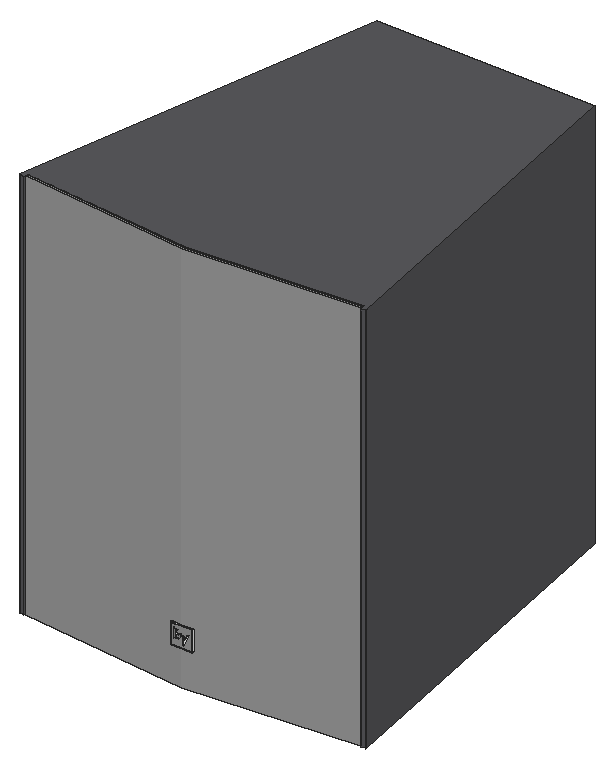
Revit family "EVF-2151D", category Communication Devices, Revit 2017
Family settings
  Maintain Annotation Orientation = Yes
  Round Connector Dimension = Use Diameter
  Part Type = Normal
  OmniClass Number = 23.85.10.11.11.21
  OmniClass Title = Speakers
  Work Plane-Based = Yes
  Always vertical = Yes
  Cut with Voids When Loaded = No
  Shared = No
  Room Calculation Point = No
Parameters (values of type "EVF2151DBLB_Black__Dual_15_Subwoofer_System")
  Version = "1"
  Uniclass2015Code = "Pr_60_75_08_02"
  URL = ""
  ProductInformation = "https://www.electrovoice.com/binary/EVF-2151D_Engineering_Data_Sheet.PDF"
  PlanningTools = "https://www.electrovoice.com/product.php?id=1083&search=EVF-2151D&geolocation=1#downloads"
  ModelNumber = "F.01U.272.558"
  Model = ""
  MaterialRALColour = "RAL9004"
  ManufacturerURL = "https://www.electrovoice.com"
  Manufacturer = "Electro Voice"
  LoudspeakerMaterial [instance] = 13-plyWeather-resistantBirchEVCoat -RAL9004
  GrillMaterial [instance] = 16GA Powder-coatedGalvanneal - B
  FrontLength = 675.64 mm  # constant formula
  Default Elevation = 9004.00 mm
  CTN = "EVF2151DBLB"
  BackLength = 426.39 mm  # constant formula
  InstallationManual = "https://www.electrovoice.com/binary/EVF-2151D_Engineering_Data_Sheet.PDF"
  IfcExportType = "IfcBuildingElementProxyType"
  IfcExportAs = "IfcBuildingElementProxy"
  Height = 768.55 mm  # constant formula
  Disclaimer = "http://resource.boschsecurity.com/information/BIM/Disclaimer_Electrovoice.pdf"
  Description = "Dual DVX3159A 381 mm LF transducers,101 dB sensitivity, 137 dB maximum SPL, System rating: 1000 W continuous, 4000 W peak (28) M10 threaded suspension points. PI and FG versions available with gland nut and stainless-steel grille."
  Depth = 726.38 mm  # constant formula
  ArchitectsAndEngineersSpecs = "https://www.electrovoice.com/binary/EVF-2151D_Engineering_Data_Sheet.PDF"
Reference planes
  plane 1 "Center (Front/Back)": y = 0
  plane 2: z = 0
  plane 3 "Center (Left/Right)": x = 0
Forms (mm)
  Extrusion 1, solid
    sketch origin (-218.808, 253.121, 151.949) x (0, 0, 1) y (0, -1, 0)
      loop
        line (-20.634, 250.621) -> (-5.289, 250.621) -> (-5.289, 253.121) -> (-20.634, 253.121) -> (-20.634, 250.621)
    from 217.781 to 244.634
  Extrusion 2, solid, material "16GA Powder-coatedGalvanneal - B" <- "GrillMaterial", detail levels medium+fine
    sketch origin (-0.165, -226.499, 0) x (1, 0, 0) y (0, 1, 0)
      loop
        line (-327.575, -483.206) -> (-328.443, -488.13)
        arc (-328.443, -488.13) -> (0.165, -515.973) -> (328.773, -488.13) r 1953.055
        line (328.773, -488.13) -> (327.905, -483.206)
        arc (327.905, -483.206) -> (0.165, -510.973) -> (-327.575, -483.206) r 1948.055
    from 0 to 768.55
  Extrusion 3, solid, material "13-plyWeather-resistantBirchEVCoat -RAL9004" <- "LoudspeakerMaterial"
    sketch origin (24.276, -254.036, 0) x (-1, 0, 0) y (0, -1, 0)
      loop
        line (-188.919, -254.036) -> (237.471, -254.036) -> (363.419, 460.251) -> (362.097, 461.573)
        arc (362.097, 461.573) -> (357.925, 462.299) -> (353.752, 463.016) r 1958.055
        line (353.752, 463.016) -> (352.016, 453.168)
        arc (352.016, 453.168) -> (24.276, 480.935) -> (-303.464, 453.168) r 1948.055
        line (-303.464, 453.168) -> (-305.201, 463.016)
        arc (-305.201, 463.016) -> (-309.374, 462.299) -> (-313.545, 461.573) r 1958.055
        line (-313.545, 461.573) -> (-314.867, 460.251) -> (-188.919, -254.036)
    from 0 to 768.55
Lines and regions (mm)
  model lines, detail levels fine
    curve 1: circle (0.003, -37.857, 768.55) r 11.11 normal (0, 0, -1)
    curve 2: circle (0.003, -37.857, 768.55) r 11.06 normal (0, 0, -1)
    curve 3: circle (0.003, -37.857, 768.55) r 8.06 normal (0, 0, -1)
    curve 8: circle (-236.14, -357.439, 768.55) r 11.11 normal (0, 0, -1)
    curve 9: circle (-236.14, -357.439, 768.55) r 11.06 normal (0, 0, -1)
    curve 10: circle (-236.14, -357.439, 768.55) r 8.06 normal (0, 0, -1)
    curve 11: circle (-192.728, -111.237, 768.55) r 11.11 normal (0, 0, -1)
    curve 12: circle (-192.728, -111.237, 768.55) r 11.06 normal (0, 0, -1)
    curve 13: circle (-192.728, -111.237, 768.55) r 8.06 normal (0, 0, -1)
    curve 14: circle (-279.552, -603.641, 768.55) r 11.11 normal (0, 0, -1)
    curve 15: circle (-279.552, -603.641, 768.55) r 11.06 normal (0, 0, -1)
    curve 16: circle (-279.552, -603.641, 768.55) r 8.06 normal (0, 0, -1)
    curve 17: circle (236.14, -357.439, 768.55) r 11.11 normal (0, 0, 1)
    curve 18: circle (236.14, -357.439, 768.55) r 11.06 normal (0, 0, 1)
    curve 19: circle (236.14, -357.439, 768.55) r 8.06 normal (0, 0, 1)
    curve 20: circle (192.728, -111.237, 768.55) r 11.11 normal (0, 0, 1)
    curve 21: circle (192.728, -111.237, 768.55) r 11.06 normal (0, 0, 1)
    curve 22: circle (192.728, -111.237, 768.55) r 8.06 normal (0, 0, 1)
    curve 23: circle (279.552, -603.641, 768.55) r 11.11 normal (0, 0, 1)
    curve 24: circle (279.552, -603.641, 768.55) r 11.06 normal (0, 0, 1)
    curve 25: circle (279.552, -603.641, 768.55) r 8.06 normal (0, 0, 1)
    curve 30: circle (333.357, -681.474, 659.32) r 6 normal (0.9848, 0.1736, 0)
    curve 33: circle (333.357, -681.474, 471.473) r 6 normal (0.9848, 0.1736, 0)
    curve 36: circle (333.357, -681.474, 296.473) r 6 normal (0.9848, 0.1736, 0)
    curve 39: circle (333.357, -681.474, 108.973) r 6 normal (0.9848, 0.1736, 0)
    curve 41: circle (318.42, -596.762, 738.55) r 8 normal (0.9848, 0.1736, 0)
    curve 43: circle (275.008, -350.56, 738.55) r 8 normal (0.9848, 0.1736, 0)
    curve 45: circle (231.596, -104.358, 738.55) r 8 normal (0.9848, 0.1736, 0)
    curve 47: circle (318.42, -596.762, 30) r 8 normal (-0.9848, -0.1736, 0)
    curve 49: circle (275.008, -350.56, 30) r 8 normal (-0.9848, -0.1736, 0)
    curve 51: circle (231.596, -104.358, 30) r 8 normal (-0.9848, -0.1736, 0)
    curve 54: circle (-333.357, -681.474, 659.32) r 6 normal (0.9848, -0.1736, 0)
    curve 57: circle (-333.357, -681.474, 471.473) r 6 normal (0.9848, -0.1736, 0)
    curve 60: circle (-333.357, -681.474, 296.473) r 6 normal (0.9848, -0.1736, 0)
    curve 63: circle (-333.357, -681.474, 108.973) r 6 normal (0.9848, -0.1736, 0)
    curve 65: circle (-318.42, -596.762, 738.55) r 8 normal (0.9848, -0.1736, 0)
    curve 67: circle (-275.008, -350.56, 738.55) r 8 normal (0.9848, -0.1736, 0)
    curve 69: circle (-231.596, -104.358, 738.55) r 8 normal (0.9848, -0.1736, 0)
    curve 71: circle (-318.42, -596.762, 30) r 8 normal (-0.9848, 0.1736, 0)
    curve 73: circle (-275.008, -350.56, 30) r 8 normal (-0.9848, 0.1736, 0)
    curve 75: circle (-231.596, -104.358, 30) r 8 normal (-0.9848, 0.1736, 0)
  model lines, detail levels medium+fine
    curve 4: line (-204.394, -7.673, 768.55) -> (204.394, -7.673, 768.55)
    curve 5: line (-327.74, -707.204, 768.55) -> (-204.394, -7.673, 768.55)
    curve 6: line (327.74, -707.204, 768.55) -> (204.394, -7.673, 768.55)
    curve 26: line (-213.195, 0, 768.55) -> (-204.394, -7.673, 768.55)
    curve 27: line (213.195, 0, 768.55) -> (204.394, -7.673, 768.55)
    curve 29: circle (333.357, -681.474, 659.32) r 8 normal (0.9848, 0.1736, 0)
    curve 32: circle (333.357, -681.474, 471.473) r 8 normal (0.9848, 0.1736, 0)
    curve 35: circle (333.357, -681.474, 296.473) r 8 normal (0.9848, 0.1736, 0)
    curve 38: circle (333.357, -681.474, 108.973) r 8 normal (0.9848, 0.1736, 0)
    curve 40: circle (318.42, -596.762, 738.55) r 12 normal (0.9848, 0.1736, 0)
    curve 42: circle (275.008, -350.56, 738.55) r 12 normal (0.9848, 0.1736, 0)
    curve 44: circle (231.596, -104.358, 738.55) r 12 normal (0.9848, 0.1736, 0)
    curve 46: circle (318.42, -596.762, 30) r 12 normal (-0.9848, -0.1736, 0)
    curve 48: circle (275.008, -350.56, 30) r 12 normal (-0.9848, -0.1736, 0)
    curve 50: circle (231.596, -104.358, 30) r 12 normal (-0.9848, -0.1736, 0)
    curve 52: circle (-333.354, -681.455, 659.338) r 8 normal (0.9848, -0.1736, 0)
    curve 53: circle (-333.357, -681.474, 659.32) r 8 normal (0.9848, -0.1736, 0)
    curve 55: circle (-333.354, -681.455, 471.49) r 8 normal (0.9848, -0.1736, 0)
    curve 56: circle (-333.357, -681.474, 471.473) r 8 normal (0.9848, -0.1736, 0)
    curve 58: circle (-333.354, -681.455, 296.49) r 8 normal (0.9848, -0.1736, 0)
    curve 59: circle (-333.357, -681.474, 296.473) r 8 normal (0.9848, -0.1736, 0)
    curve 61: circle (-333.354, -681.455, 108.99) r 8 normal (0.9848, -0.1736, 0)
    curve 62: circle (-333.357, -681.474, 108.973) r 8 normal (0.9848, -0.1736, 0)
    curve 64: circle (-318.42, -596.762, 738.55) r 12 normal (0.9848, -0.1736, 0)
    curve 66: circle (-275.008, -350.56, 738.55) r 12 normal (0.9848, -0.1736, 0)
    curve 68: circle (-231.596, -104.358, 738.55) r 12 normal (0.9848, -0.1736, 0)
    curve 70: circle (-318.42, -596.762, 30) r 12 normal (-0.9848, 0.1736, 0)
    curve 72: circle (-275.008, -350.56, 30) r 12 normal (-0.9848, 0.1736, 0)
    curve 74: circle (-231.596, -104.358, 30) r 12 normal (-0.9848, 0.1736, 0)
  model lines
    curve 7: line (-440.583, -450.191, 0) -> (-440.583, -450.691, 0)
    curve 28: circle (333.354, -681.455, 659.338) r 8 normal (0.9848, 0.1736, 0)
    curve 31: circle (333.354, -681.455, 471.49) r 8 normal (0.9848, 0.1736, 0)
    curve 34: circle (333.354, -681.455, 296.49) r 8 normal (0.9848, 0.1736, 0)
    curve 37: circle (333.354, -681.455, 108.99) r 8 normal (0.9848, 0.1736, 0)
  model lines, not visible
    curve 76: circle (333.354, -681.455, 659.338) r 8 normal (0.9848, 0.1736, 0)
    curve 79: circle (333.354, -681.455, 471.49) r 8 normal (0.9848, 0.1736, 0)
    curve 82: circle (333.354, -681.455, 296.49) r 8 normal (0.9848, 0.1736, 0)
    curve 85: circle (333.354, -681.455, 108.99) r 8 normal (0.9848, 0.1736, 0)
  model lines, not visible, detail levels medium+fine
    curve 77: circle (333.357, -681.474, 659.32) r 8 normal (0.9848, 0.1736, 0)
    curve 80: circle (333.357, -681.474, 471.473) r 8 normal (0.9848, 0.1736, 0)
    curve 83: circle (333.357, -681.474, 296.473) r 8 normal (0.9848, 0.1736, 0)
    curve 86: circle (333.357, -681.474, 108.973) r 8 normal (0.9848, 0.1736, 0)
    curve 88: circle (318.42, -596.762, 738.55) r 12 normal (0.9848, 0.1736, 0)
    curve 90: circle (275.008, -350.56, 738.55) r 12 normal (0.9848, 0.1736, 0)
    curve 92: circle (231.596, -104.358, 738.55) r 12 normal (0.9848, 0.1736, 0)
    curve 94: circle (318.42, -596.762, 30) r 12 normal (-0.9848, -0.1736, 0)
    curve 96: circle (275.008, -350.56, 30) r 12 normal (-0.9848, -0.1736, 0)
    curve 98: circle (231.596, -104.358, 30) r 12 normal (-0.9848, -0.1736, 0)
    curve 100: circle (-333.354, -681.455, 659.338) r 8 normal (0.9848, -0.1736, 0)
    curve 101: circle (-333.357, -681.474, 659.32) r 8 normal (0.9848, -0.1736, 0)
    curve 103: circle (-333.354, -681.455, 471.49) r 8 normal (0.9848, -0.1736, 0)
    curve 104: circle (-333.357, -681.474, 471.473) r 8 normal (0.9848, -0.1736, 0)
    curve 106: circle (-333.354, -681.455, 296.49) r 8 normal (0.9848, -0.1736, 0)
    curve 107: circle (-333.357, -681.474, 296.473) r 8 normal (0.9848, -0.1736, 0)
    curve 109: circle (-333.354, -681.455, 108.99) r 8 normal (0.9848, -0.1736, 0)
    curve 110: circle (-333.357, -681.474, 108.973) r 8 normal (0.9848, -0.1736, 0)
    curve 112: circle (-318.42, -596.762, 738.55) r 12 normal (0.9848, -0.1736, 0)
    curve 114: circle (-275.008, -350.56, 738.55) r 12 normal (0.9848, -0.1736, 0)
    curve 116: circle (-231.596, -104.358, 738.55) r 12 normal (0.9848, -0.1736, 0)
    curve 118: circle (-318.42, -596.762, 30) r 12 normal (-0.9848, 0.1736, 0)
    curve 120: circle (-275.008, -350.56, 30) r 12 normal (-0.9848, 0.1736, 0)
    curve 122: circle (-231.596, -104.358, 30) r 12 normal (-0.9848, 0.1736, 0)
    curve 127: line (-204.394, -7.673, 768.55) -> (204.394, -7.673, 768.55)
    curve 128: line (-327.74, -707.204, 768.55) -> (-204.394, -7.673, 768.55)
    curve 129: line (327.74, -707.204, 768.55) -> (204.394, -7.673, 768.55)
    curve 148: line (-213.195, 0, 768.55) -> (-204.394, -7.673, 768.55)
    curve 149: line (213.195, 0, 768.55) -> (204.394, -7.673, 768.55)
  model lines, not visible, detail levels fine
    curve 78: circle (333.357, -681.474, 659.32) r 6 normal (0.9848, 0.1736, 0)
    curve 81: circle (333.357, -681.474, 471.473) r 6 normal (0.9848, 0.1736, 0)
    curve 84: circle (333.357, -681.474, 296.473) r 6 normal (0.9848, 0.1736, 0)
    curve 87: circle (333.357, -681.474, 108.973) r 6 normal (0.9848, 0.1736, 0)
    curve 89: circle (318.42, -596.762, 738.55) r 8 normal (0.9848, 0.1736, 0)
    curve 91: circle (275.008, -350.56, 738.55) r 8 normal (0.9848, 0.1736, 0)
    curve 93: circle (231.596, -104.358, 738.55) r 8 normal (0.9848, 0.1736, 0)
    curve 95: circle (318.42, -596.762, 30) r 8 normal (-0.9848, -0.1736, 0)
    curve 97: circle (275.008, -350.56, 30) r 8 normal (-0.9848, -0.1736, 0)
    curve 99: circle (231.596, -104.358, 30) r 8 normal (-0.9848, -0.1736, 0)
    curve 102: circle (-333.357, -681.474, 659.32) r 6 normal (0.9848, -0.1736, 0)
    curve 105: circle (-333.357, -681.474, 471.473) r 6 normal (0.9848, -0.1736, 0)
    curve 108: circle (-333.357, -681.474, 296.473) r 6 normal (0.9848, -0.1736, 0)
    curve 111: circle (-333.357, -681.474, 108.973) r 6 normal (0.9848, -0.1736, 0)
    curve 113: circle (-318.42, -596.762, 738.55) r 8 normal (0.9848, -0.1736, 0)
    curve 115: circle (-275.008, -350.56, 738.55) r 8 normal (0.9848, -0.1736, 0)
    curve 117: circle (-231.596, -104.358, 738.55) r 8 normal (0.9848, -0.1736, 0)
    curve 119: circle (-318.42, -596.762, 30) r 8 normal (-0.9848, 0.1736, 0)
    curve 121: circle (-275.008, -350.56, 30) r 8 normal (-0.9848, 0.1736, 0)
    curve 123: circle (-231.596, -104.358, 30) r 8 normal (-0.9848, 0.1736, 0)
    curve 124: circle (0.003, -37.857, 768.55) r 11.11 normal (0, 0, -1)
    curve 125: circle (0.003, -37.857, 768.55) r 11.06 normal (0, 0, -1)
    curve 126: circle (0.003, -37.857, 768.55) r 8.06 normal (0, 0, -1)
    curve 130: circle (-236.14, -357.439, 768.55) r 11.11 normal (0, 0, -1)
    curve 131: circle (-236.14, -357.439, 768.55) r 11.06 normal (0, 0, -1)
    curve 132: circle (-236.14, -357.439, 768.55) r 8.06 normal (0, 0, -1)
    curve 133: circle (-192.728, -111.237, 768.55) r 11.11 normal (0, 0, -1)
    curve 134: circle (-192.728, -111.237, 768.55) r 11.06 normal (0, 0, -1)
    curve 135: circle (-192.728, -111.237, 768.55) r 8.06 normal (0, 0, -1)
    curve 136: circle (-279.552, -603.641, 768.55) r 11.11 normal (0, 0, -1)
    curve 137: circle (-279.552, -603.641, 768.55) r 11.06 normal (0, 0, -1)
    curve 138: circle (-279.552, -603.641, 768.55) r 8.06 normal (0, 0, -1)
    curve 139: circle (236.14, -357.439, 768.55) r 11.11 normal (0, 0, 1)
    curve 140: circle (236.14, -357.439, 768.55) r 11.06 normal (0, 0, 1)
    curve 141: circle (236.14, -357.439, 768.55) r 8.06 normal (0, 0, 1)
    curve 142: circle (192.728, -111.237, 768.55) r 11.11 normal (0, 0, 1)
    curve 143: circle (192.728, -111.237, 768.55) r 11.06 normal (0, 0, 1)
    curve 144: circle (192.728, -111.237, 768.55) r 8.06 normal (0, 0, 1)
    curve 145: circle (279.552, -603.641, 768.55) r 11.11 normal (0, 0, 1)
    curve 146: circle (279.552, -603.641, 768.55) r 11.06 normal (0, 0, 1)
    curve 147: circle (279.552, -603.641, 768.55) r 8.06 normal (0, 0, 1)
Dimensions and locks
  "Height": Extrusion 3 to Extrusion 3
  "Height": Extrusion 2 to Extrusion 3
  "BackLength": Extrusion 3 to Extrusion 3
  "Depth": Extrusion 3 to Extrusion 3
  "FrontLength": Extrusion 3 to Extrusion 3
  angle Extrusion 3 to Extrusion 3 = 20.00°
  aligned and locked: plane 2 to level
Automatic sketch dimensions
  Extrusion 1 sketch curve to plane 1 "Center (Front/Back)" = 0.00 mm
  level to Extrusion 1 sketch curve = 131.315 mm
  Extrusion 1 sketch curve to Extrusion 1 sketch curve = 15.346 mm
  Extrusion 1 sketch curve to plane 1 "Center (Front/Back)" = 2.50 mm
  plane 3 "Center (Left/Right)" to Extrusion 2 sketch curve = 0.00 mm
  plane 3 "Center (Left/Right)" to Extrusion 2 sketch curve = 327.74 mm
  Extrusion 2 sketch curve to Extrusion 2 sketch curve = 0.868 mm  (x2)
  plane 1 "Center (Front/Back)" to Extrusion 2 sketch curve = 714.628 mm
  Extrusion 2 sketch curve to Extrusion 2 sketch curve = 0.00 mm  (x3)
  Extrusion 2 sketch curve to plane 1 "Center (Front/Back)" = 1210.583 mm
  plane 1 "Center (Front/Back)" to curve 7 = 450.691 mm
  curve 7 to curve 7 = 0.50 mm
  curve 7 to plane 3 "Center (Left/Right)" = 440.583 mm
  Extrusion 2 sketch curve to Extrusion 2 sketch curve = 4.924 mm
  curve 1 to curve 2 = 0.00 mm  (x2)
  curve 1 to curve 3 = 0.00 mm  (x2)
  curve 2 to curve 3 = 0.00 mm  (x2)
  curve 8 to curve 9 = 0.00 mm  (x2)
  curve 8 to curve 10 = 0.00 mm  (x2)
  curve 9 to curve 10 = 0.00 mm  (x2)
  curve 11 to curve 12 = 0.00 mm  (x2)
  curve 11 to curve 13 = 0.00 mm  (x2)
  curve 12 to curve 13 = 0.00 mm  (x2)
  curve 14 to curve 15 = 0.00 mm  (x2)
  curve 14 to curve 16 = 0.00 mm  (x2)
  curve 15 to curve 16 = 0.00 mm  (x2)
  curve 17 to curve 18 = 0.00 mm  (x2)
  curve 17 to curve 19 = 0.00 mm  (x2)
  curve 18 to curve 19 = 0.00 mm  (x2)
  curve 20 to curve 21 = 0.00 mm  (x2)
  curve 20 to curve 22 = 0.00 mm  (x2)
  curve 21 to curve 22 = 0.00 mm  (x2)
  curve 23 to curve 24 = 0.00 mm  (x2)
  curve 23 to curve 25 = 0.00 mm  (x2)
  curve 24 to curve 25 = 0.00 mm  (x2)
  curve 14 to curve 10 = 43.412 mm
  curve 8 to curve 4 = 31.747 mm
  curve 4 to curve 13 = 11.666 mm
  curve 11 to curve 1 = 192.731 mm
  curve 1 to curve 20 = 192.725 mm
  curve 20 to curve 27 = 11.666 mm
  curve 20 to curve 18 = 43.412 mm
  curve 17 to curve 23 = 43.412 mm
  curve 14 to curve 23 = 0.00 mm
  curve 14 to curve 8 = 246.202 mm
  curve 23 to curve 19 = 246.202 mm
  curve 8 to curve 13 = 246.202 mm
  curve 17 to curve 20 = 246.202 mm
  curve 20 to curve 1 = 73.379 mm
  curve 11 to curve 5 = 103.564 mm
  curve 5 to curve 14 = 48.188 mm
  curve 26 to curve 26 = 8.801 mm
  curve 4 to curve 27 = 8.801 mm
  curve 23 to curve 6 = 48.188 mm
  curve 6 to curve 23 = 103.564 mm
  curve 5 to curve 14 = 103.564 mm
  curve 4 to curve 27 = 7.673 mm
  curve 26 to curve 26 = 7.673 mm
  curve 29 to curve 30 = 0.00 mm  (x2)
  curve 32 to curve 33 = 0.00 mm  (x2)
  curve 35 to curve 36 = 0.00 mm  (x2)
  curve 38 to curve 39 = 0.00 mm  (x2)
  curve 40 to curve 41 = 0.00 mm  (x2)
  curve 42 to curve 43 = 0.00 mm  (x2)
  curve 44 to curve 45 = 0.00 mm  (x2)
  curve 46 to curve 47 = 0.00 mm  (x2)
  curve 48 to curve 49 = 0.00 mm  (x2)
  curve 50 to curve 51 = 0.00 mm  (x2)
  curve 29 to curve 38 = 0.00 mm
  curve 36 to curve 38 = 0.00 mm
  curve 32 to curve 35 = 0.00 mm
  curve 38 to curve 37 = 0.019 mm
  curve 32 to curve 31 = 0.019 mm
  curve 35 to curve 34 = 0.019 mm
  curve 29 to curve 28 = 0.019 mm
  curve 28 to curve 40 = 86.00 mm
  curve 37 to curve 47 = 86.00 mm
  curve 46 to curve 48 = 250.00 mm
  curve 40 to curve 43 = 250.00 mm
  curve 42 to curve 45 = 250.00 mm
  curve 48 to curve 50 = 250.00 mm
  curve 50 to curve 47 = 0.00 mm
  curve 50 to curve 48 = 0.00 mm
  curve 46 to curve 38 = 78.973 mm
  curve 38 to curve 37 = 0.018 mm
  curve 37 to curve 36 = 187.482 mm
  curve 35 to curve 34 = 0.018 mm
  curve 34 to curve 32 = 174.982 mm
  curve 32 to curve 31 = 0.018 mm
  curve 31 to curve 29 = 187.83 mm
  curve 29 to curve 28 = 0.018 mm
  curve 28 to curve 44 = 79.212 mm
  curve 44 to curve 43 = 0.00 mm
  curve 28 to curve 41 = 79.212 mm
  curve 53 to curve 54 = 0.00 mm  (x2)
  curve 56 to curve 57 = 0.00 mm  (x2)
  curve 59 to curve 60 = 0.00 mm  (x2)
  curve 62 to curve 63 = 0.00 mm  (x2)
  curve 64 to curve 65 = 0.00 mm  (x2)
  curve 66 to curve 67 = 0.00 mm  (x2)
  curve 68 to curve 69 = 0.00 mm  (x2)
  curve 70 to curve 71 = 0.00 mm  (x2)
  curve 72 to curve 73 = 0.00 mm  (x2)
  curve 74 to curve 75 = 0.00 mm  (x2)
  curve 53 to curve 62 = 0.00 mm
  curve 60 to curve 62 = 0.00 mm
  curve 56 to curve 59 = 0.00 mm
  curve 62 to curve 61 = 0.019 mm
  curve 56 to curve 55 = 0.019 mm
  curve 59 to curve 58 = 0.019 mm
  curve 53 to curve 52 = 0.019 mm
  curve 52 to curve 64 = 86.00 mm
  curve 61 to curve 71 = 86.00 mm
  curve 70 to curve 72 = 250.00 mm
  curve 64 to curve 67 = 250.00 mm
  curve 66 to curve 69 = 250.00 mm
  curve 72 to curve 74 = 250.00 mm
  curve 67 to curve 68 = 0.00 mm
  curve 65 to curve 66 = 0.00 mm
  curve 64 to curve 52 = 79.212 mm
  curve 52 to curve 54 = 0.018 mm
  curve 53 to curve 55 = 187.83 mm
  curve 55 to curve 57 = 0.018 mm
  curve 56 to curve 58 = 174.982 mm
  curve 58 to curve 59 = 0.018 mm
  curve 59 to curve 61 = 187.482 mm
  curve 61 to curve 62 = 0.018 mm
  curve 61 to curve 70 = 78.99 mm
  curve 70 to curve 72 = 0.00 mm
  curve 72 to curve 74 = 0.00 mm
  curve 77 to curve 78 = 0.00 mm  (x2)
  curve 80 to curve 81 = 0.00 mm  (x2)
  curve 83 to curve 84 = 0.00 mm  (x2)
  curve 86 to curve 87 = 0.00 mm  (x2)
  curve 88 to curve 89 = 0.00 mm  (x2)
  curve 90 to curve 91 = 0.00 mm  (x2)
  curve 92 to curve 93 = 0.00 mm  (x2)
  curve 94 to curve 95 = 0.00 mm  (x2)
  curve 96 to curve 97 = 0.00 mm  (x2)
  curve 98 to curve 99 = 0.00 mm  (x2)
  curve 77 to curve 86 = 0.00 mm
  curve 84 to curve 86 = 0.00 mm
  curve 80 to curve 83 = 0.00 mm
  curve 86 to curve 85 = 0.019 mm
  curve 80 to curve 79 = 0.019 mm
  curve 83 to curve 82 = 0.019 mm
  curve 77 to curve 76 = 0.019 mm
  curve 76 to curve 88 = 86.00 mm
  curve 85 to curve 95 = 86.00 mm
  curve 94 to curve 96 = 250.00 mm
  curve 88 to curve 91 = 250.00 mm
  curve 90 to curve 93 = 250.00 mm
  curve 96 to curve 98 = 250.00 mm
  curve 98 to curve 95 = 0.00 mm
  curve 98 to curve 96 = 0.00 mm
  curve 94 to curve 86 = 78.973 mm
  curve 86 to curve 85 = 0.018 mm
  curve 85 to curve 84 = 187.482 mm
  curve 83 to curve 82 = 0.018 mm
  curve 82 to curve 80 = 174.982 mm
  curve 80 to curve 79 = 0.018 mm
  curve 79 to curve 77 = 187.83 mm
  curve 77 to curve 76 = 0.018 mm
  curve 76 to curve 92 = 79.212 mm
  curve 92 to curve 91 = 0.00 mm
  curve 76 to curve 89 = 79.212 mm
  curve 101 to curve 102 = 0.00 mm  (x2)
  curve 104 to curve 105 = 0.00 mm  (x2)
  curve 107 to curve 108 = 0.00 mm  (x2)
  curve 110 to curve 111 = 0.00 mm  (x2)
  curve 112 to curve 113 = 0.00 mm  (x2)
  curve 114 to curve 115 = 0.00 mm  (x2)
  curve 116 to curve 117 = 0.00 mm  (x2)
  curve 118 to curve 119 = 0.00 mm  (x2)
  curve 120 to curve 121 = 0.00 mm  (x2)
  curve 122 to curve 123 = 0.00 mm  (x2)
  curve 101 to curve 110 = 0.00 mm
  curve 108 to curve 110 = 0.00 mm
  curve 104 to curve 107 = 0.00 mm
  curve 110 to curve 109 = 0.019 mm
  curve 104 to curve 103 = 0.019 mm
  curve 107 to curve 106 = 0.019 mm
  curve 101 to curve 100 = 0.019 mm
  curve 100 to curve 112 = 86.00 mm
  curve 109 to curve 119 = 86.00 mm
  curve 118 to curve 120 = 250.00 mm
  curve 112 to curve 115 = 250.00 mm
  curve 114 to curve 117 = 250.00 mm
  curve 120 to curve 122 = 250.00 mm
  curve 115 to curve 116 = 0.00 mm
  curve 113 to curve 114 = 0.00 mm
  curve 112 to curve 100 = 79.212 mm
  curve 100 to curve 102 = 0.018 mm
  curve 101 to curve 103 = 187.83 mm
  curve 103 to curve 105 = 0.018 mm
  curve 104 to curve 106 = 174.982 mm
  curve 106 to curve 107 = 0.018 mm
  curve 107 to curve 109 = 187.482 mm
  curve 109 to curve 110 = 0.018 mm
  curve 109 to curve 118 = 78.99 mm
  curve 118 to curve 120 = 0.00 mm
  curve 120 to curve 122 = 0.00 mm
  curve 124 to curve 125 = 0.00 mm  (x2)
  curve 124 to curve 126 = 0.00 mm  (x2)
  curve 125 to curve 126 = 0.00 mm  (x2)
  curve 130 to curve 131 = 0.00 mm  (x2)
  curve 130 to curve 132 = 0.00 mm  (x2)
  curve 131 to curve 132 = 0.00 mm  (x2)
  curve 133 to curve 134 = 0.00 mm  (x2)
  curve 133 to curve 135 = 0.00 mm  (x2)
  curve 134 to curve 135 = 0.00 mm  (x2)
  curve 136 to curve 137 = 0.00 mm  (x2)
  curve 136 to curve 138 = 0.00 mm  (x2)
  curve 137 to curve 138 = 0.00 mm  (x2)
  curve 139 to curve 140 = 0.00 mm  (x2)
  curve 139 to curve 141 = 0.00 mm  (x2)
  curve 140 to curve 141 = 0.00 mm  (x2)
  curve 142 to curve 143 = 0.00 mm  (x2)
  curve 142 to curve 144 = 0.00 mm  (x2)
  curve 143 to curve 144 = 0.00 mm  (x2)
  curve 145 to curve 146 = 0.00 mm  (x2)
  curve 145 to curve 147 = 0.00 mm  (x2)
  curve 146 to curve 147 = 0.00 mm  (x2)
  curve 136 to curve 132 = 43.412 mm
  curve 130 to curve 127 = 31.747 mm
  curve 127 to curve 135 = 11.666 mm
  curve 133 to curve 124 = 192.731 mm
  curve 124 to curve 142 = 192.725 mm
  curve 142 to curve 149 = 11.666 mm
  curve 142 to curve 140 = 43.412 mm
  curve 139 to curve 145 = 43.412 mm
  curve 136 to curve 145 = 0.00 mm
  curve 136 to curve 130 = 246.202 mm
  curve 145 to curve 141 = 246.202 mm
  curve 130 to curve 135 = 246.202 mm
  curve 139 to curve 142 = 246.202 mm
  curve 142 to curve 124 = 73.379 mm
  curve 133 to curve 128 = 103.564 mm
  curve 128 to curve 136 = 48.188 mm
  curve 148 to curve 148 = 8.801 mm
  curve 127 to curve 149 = 8.801 mm
  curve 145 to curve 129 = 48.188 mm
  curve 129 to curve 145 = 103.564 mm
  curve 128 to curve 136 = 103.564 mm
  curve 127 to curve 149 = 7.673 mm
  curve 148 to curve 148 = 7.673 mm
  Extrusion 3 sketch curve to Extrusion 3 sketch curve = 0.00 mm  (x4)
  plane 1 "Center (Front/Back)" to Extrusion 3 sketch curve = 0.00 mm
  Extrusion 3 sketch curve to plane 3 "Center (Left/Right)" = 0.00 mm
  plane 3 "Center (Left/Right)" to Extrusion 3 sketch curve = 213.195 mm
  plane 3 "Center (Left/Right)" to Extrusion 3 sketch curve = 327.74 mm
  Extrusion 3 sketch curve to Extrusion 3 sketch curve = 1.737 mm  (x2)
  Extrusion 3 sketch curve to Extrusion 3 sketch curve = 1.322 mm  (x3)
  Extrusion 3 sketch curve to plane 3 "Center (Left/Right)" = 213.195 mm
  Extrusion 3 sketch curve to plane 3 "Center (Left/Right)" = 327.74 mm
  Extrusion 3 sketch curve to Extrusion 3 sketch curve = 8.345 mm
  Extrusion 3 sketch curve to plane 1 "Center (Front/Back)" = 1213.083 mm
  plane 1 "Center (Front/Back)" to Extrusion 3 sketch curve = 707.204 mm
  Extrusion 3 sketch curve to Extrusion 3 sketch curve = 7.083 mm  (x2)
  Extrusion 3 sketch curve to Extrusion 3 sketch curve = 9.667 mm
  Extrusion 3 sketch curve to Extrusion 3 sketch curve = 9.848 mm
  radius of curve 1 = 11.11 mm
  radius of curve 2 = 11.06 mm
  radius of curve 3 = 8.06 mm
  radius of curve 8 = 11.11 mm
  radius of curve 9 = 11.06 mm
  radius of curve 10 = 8.06 mm
  radius of curve 11 = 11.11 mm
  radius of curve 12 = 11.06 mm
  radius of curve 13 = 8.06 mm
  radius of curve 14 = 11.11 mm
  radius of curve 15 = 11.06 mm
  radius of curve 16 = 8.06 mm
  radius of curve 17 = 11.11 mm
  radius of curve 18 = 11.06 mm
  radius of curve 19 = 8.06 mm
  radius of curve 20 = 11.11 mm
  radius of curve 21 = 11.06 mm
  radius of curve 22 = 8.06 mm
  radius of curve 23 = 11.11 mm
  radius of curve 24 = 11.06 mm
  radius of curve 25 = 8.06 mm
  radius of curve 28 = 8.00 mm
  radius of curve 29 = 8.00 mm
  radius of curve 30 = 6.00 mm
  radius of curve 31 = 8.00 mm
  radius of curve 32 = 8.00 mm
  radius of curve 33 = 6.00 mm
  radius of curve 34 = 8.00 mm
  radius of curve 35 = 8.00 mm
  radius of curve 36 = 6.00 mm
  radius of curve 37 = 8.00 mm
  radius of curve 38 = 8.00 mm
  radius of curve 39 = 6.00 mm
  radius of curve 40 = 12.00 mm
  radius of curve 41 = 8.00 mm
  radius of curve 42 = 12.00 mm
  radius of curve 43 = 8.00 mm
  radius of curve 44 = 12.00 mm
  radius of curve 45 = 8.00 mm
  radius of curve 46 = 12.00 mm
  radius of curve 47 = 8.00 mm
  radius of curve 48 = 12.00 mm
  radius of curve 49 = 8.00 mm
  radius of curve 50 = 12.00 mm
  radius of curve 51 = 8.00 mm
  radius of curve 52 = 8.00 mm
  radius of curve 53 = 8.00 mm
  radius of curve 54 = 6.00 mm
  radius of curve 55 = 8.00 mm
  radius of curve 56 = 8.00 mm
  radius of curve 57 = 6.00 mm
  radius of curve 58 = 8.00 mm
  radius of curve 59 = 8.00 mm
  radius of curve 60 = 6.00 mm
  radius of curve 61 = 8.00 mm
  radius of curve 62 = 8.00 mm
  radius of curve 63 = 6.00 mm
  radius of curve 64 = 12.00 mm
  radius of curve 65 = 8.00 mm
  radius of curve 66 = 12.00 mm
  radius of curve 67 = 8.00 mm
  radius of curve 68 = 12.00 mm
  radius of curve 69 = 8.00 mm
  radius of curve 70 = 12.00 mm
  radius of curve 71 = 8.00 mm
  radius of curve 72 = 12.00 mm
  radius of curve 73 = 8.00 mm
  radius of curve 74 = 12.00 mm
  radius of curve 75 = 8.00 mm
  radius of curve 76 = 8.00 mm
  radius of curve 77 = 8.00 mm
  radius of curve 78 = 6.00 mm
  radius of curve 79 = 8.00 mm
  radius of curve 80 = 8.00 mm
  radius of curve 81 = 6.00 mm
  radius of curve 82 = 8.00 mm
  radius of curve 83 = 8.00 mm
  radius of curve 84 = 6.00 mm
  radius of curve 85 = 8.00 mm
  radius of curve 86 = 8.00 mm
  radius of curve 87 = 6.00 mm
  radius of curve 88 = 12.00 mm
  radius of curve 89 = 8.00 mm
  radius of curve 90 = 12.00 mm
  radius of curve 91 = 8.00 mm
  radius of curve 92 = 12.00 mm
  radius of curve 93 = 8.00 mm
  radius of curve 94 = 12.00 mm
  radius of curve 95 = 8.00 mm
  radius of curve 96 = 12.00 mm
  radius of curve 97 = 8.00 mm
  radius of curve 98 = 12.00 mm
  radius of curve 99 = 8.00 mm
  radius of curve 100 = 8.00 mm
  radius of curve 101 = 8.00 mm
  radius of curve 102 = 6.00 mm
  radius of curve 103 = 8.00 mm
  radius of curve 104 = 8.00 mm
  radius of curve 105 = 6.00 mm
  radius of curve 106 = 8.00 mm
  radius of curve 107 = 8.00 mm
  radius of curve 108 = 6.00 mm
  radius of curve 109 = 8.00 mm
  radius of curve 110 = 8.00 mm
  radius of curve 111 = 6.00 mm
  radius of curve 112 = 12.00 mm
  radius of curve 113 = 8.00 mm
  radius of curve 114 = 12.00 mm
  radius of curve 115 = 8.00 mm
  radius of curve 116 = 12.00 mm
  radius of curve 117 = 8.00 mm
  radius of curve 118 = 12.00 mm
  radius of curve 119 = 8.00 mm
  radius of curve 120 = 12.00 mm
  radius of curve 121 = 8.00 mm
  radius of curve 122 = 12.00 mm
  radius of curve 123 = 8.00 mm
  radius of curve 124 = 11.11 mm
  radius of curve 125 = 11.06 mm
  radius of curve 126 = 8.06 mm
  radius of curve 130 = 11.11 mm
  radius of curve 131 = 11.06 mm
  radius of curve 132 = 8.06 mm
  radius of curve 133 = 11.11 mm
  radius of curve 134 = 11.06 mm
  radius of curve 135 = 8.06 mm
  radius of curve 136 = 11.11 mm
  radius of curve 137 = 11.06 mm
  radius of curve 138 = 8.06 mm
  radius of curve 139 = 11.11 mm
  radius of curve 140 = 11.06 mm
  radius of curve 141 = 8.06 mm
  radius of curve 142 = 11.11 mm
  radius of curve 143 = 11.06 mm
  radius of curve 144 = 8.06 mm
  radius of curve 145 = 11.11 mm
  radius of curve 146 = 11.06 mm
  radius of curve 147 = 8.06 mm
Nested families
  nested 1: "InputPanelV" at (0.031, 0.022, 51.922), LoudspeakerMaterial <- "LoudspeakerMaterial", type "InputPanelV", detail levels medium+fine
    with LoudspeakerMaterial 13-plyWeather-resistantBirchEVCoat -RAL9004
  nested 2: "L-EV" at (0, -741.971, 88.55), type "L-EV", detail levels medium+fine
Connectors
  electrical at (12.4, 2.5, 138.988)
    settings: on Extrusion 1, index 2, voltage 0 V, apparent load 0 VA, apparent load phase1 0 VA, apparent load phase2 0 VA, apparent load phase3 0 VA, power factor 1, load classification "Other", number of poles 1, system type 31, power factor state 1, is connector primary yes, connector utility no, sub classification motor no, connector description ""
Definition of nested family "InputPanelV"
  Parameters (values of type "InputPanelV")
    Material = "RAL9004"
    LoudspeakerMaterial [instance] = none
    Default Elevation = 1219.20 mm
  Reference planes
    plane 1 "Center (Front/Back)": y = 0
    plane 2: z = 0
    plane 3 "Center (Left/Right)": x = 0
  Forms (mm)
    Extrusion 1, solid, material <- "LoudspeakerMaterial", not visible
      sketch origin (-134.089, -0.5, 42.57) x (0, 0, -1) y (1, 0, 0)
        loop
          arc (-236.652, 198.043) -> (-237.266, 197.789) -> (-237.521, 197.174) r 0.869
          line (-237.521, 197.174) -> (-237.521, 70.264)
          arc (-237.521, 70.264) -> (-237.266, 69.649) -> (-236.652, 69.395) r 0.869
          line (-236.652, 69.395) -> (41.701, 69.395)
          arc (41.701, 69.395) -> (42.316, 69.649) -> (42.57, 70.264) r 0.869
          line (42.57, 70.264) -> (42.57, 197.174)
          arc (42.57, 197.174) -> (42.316, 197.789) -> (41.701, 198.043) r 0.869
          line (41.701, 198.043) -> (-236.652, 198.043)
      from 0 to -0.5
    Extrusion 2, solid, material <- "LoudspeakerMaterial", detail levels medium+fine
      sketch origin (-61.076, 0, 141.306) x (0, 0, -1) y (1, 0, 0)
        loop
          line (134.909, 125.031) -> (-132.479, 125.031)
          arc (-132.479, 125.031) -> (-136.938, 123.184) -> (-138.785, 118.724) r 6.306
          line (-138.785, 118.724) -> (-138.785, 2.656)
          arc (-138.785, 2.656) -> (-137.145, -1.571) -> (-133.106, -3.618) r 6.306
          line (-133.106, -3.618) -> (134.923, -3.618)
          arc (134.923, -3.618) -> (139.382, -1.771) -> (141.229, 2.689) r 6.306
          line (141.229, 2.689) -> (141.215, 118.725)
          arc (141.215, 118.725) -> (139.367, 123.184) -> (134.909, 125.031) r 6.306
        loop
          line (-32, 109) -> (-119, 109)
          arc (-119, 109) -> (-122.536, 107.536) -> (-124, 104) r 5
          line (-124, 104) -> (-124, 18.073)
          arc (-124, 18.073) -> (-122.536, 14.537) -> (-119, 13.073) r 5
          line (-119, 13.073) -> (-32, 13.068)
          arc (-32, 13.068) -> (-28.464, 14.537) -> (-27, 18.073) r 5
          line (-27, 18.073) -> (-27, 104)
          arc (-27, 104) -> (-28.464, 107.536) -> (-32, 109) r 5
        loop
          line (121.931, 109) -> (-17.996, 109)
          arc (-17.996, 109) -> (-21.532, 107.536) -> (-22.996, 104) r 5
          line (-22.996, 104) -> (-22.996, 18.073)
          arc (-22.996, 18.073) -> (-21.532, 14.537) -> (-17.996, 13.073) r 5
          line (-17.996, 13.073) -> (121.931, 13.068)
          arc (121.931, 13.068) -> (125.466, 14.537) -> (126.931, 18.073) r 5
          line (126.931, 18.073) -> (126.931, 104)
          arc (126.931, 104) -> (125.466, 107.536) -> (121.931, 109) r 5
        loop
          circle (-131.217, 117.431) r 2.623
        loop
          circle (-43.03, 117.431) r 2.623
        loop
          circle (45.408, 117.431) r 2.623
        loop
          circle (133.136, 117.431) r 2.623
        loop
          circle (-131.469, 3.695) r 2.623
        loop
          circle (-43.281, 3.695) r 2.623
        loop
          circle (45.157, 3.695) r 2.623
        loop
          circle (132.885, 3.695) r 2.623
      from 0 to 10
    Extrusion 3, solid, material <- "LoudspeakerMaterial", detail levels fine
      sketch origin (-61.076, 0, 141.306) x (0, 0, -1) y (1, 0, 0)
        loop
          arc (-17.996, 109) -> (-21.532, 107.536) -> (-22.996, 104) r 5
          line (-22.996, 104) -> (-22.996, 18.073)
          arc (-22.996, 18.073) -> (-21.53, 14.535) -> (-17.996, 13.068) r 5
          line (-17.996, 13.068) -> (121.931, 13.073)
          arc (121.931, 13.073) -> (125.466, 14.537) -> (126.931, 18.073) r 5
          line (126.931, 18.073) -> (126.931, 104)
          arc (126.931, 104) -> (125.466, 107.536) -> (121.931, 109) r 5
          line (121.931, 109) -> (-17.996, 109)
        loop
          line (54.039, 97.778) -> (-7.991, 97.77)
          arc (-7.991, 97.77) -> (-8.799, 96.096) -> (-10.285, 94.977) r 3.948
          line (-10.285, 94.977) -> (-10.277, 26.4)
          arc (-10.277, 26.4) -> (-8.791, 25.282) -> (-7.981, 23.608) r 3.948
          line (-7.981, 23.608) -> (54.048, 23.615)
          arc (54.048, 23.615) -> (57.907, 26.731) -> (61.766, 23.616) r 3.948
          line (61.766, 23.616) -> (111.183, 23.622)
          arc (111.183, 23.622) -> (111.992, 25.297) -> (113.478, 26.415) r 3.948
          line (113.478, 26.415) -> (113.47, 94.993)
          arc (113.47, 94.993) -> (111.984, 96.11) -> (111.174, 97.785) r 3.948
          line (111.174, 97.785) -> (61.757, 97.779)
          arc (61.757, 97.779) -> (57.899, 94.663) -> (54.039, 97.778) r 3.948
        loop
          circle (57.898, 98.611) r 1.593
        loop
          circle (57.898, 22.673) r 1.593
        loop
          circle (114.809, 98.611) r 1.593
        loop
          circle (114.809, 22.673) r 1.593
        loop
          circle (-11.512, 98.611) r 1.593
        loop
          circle (-11.512, 22.673) r 1.593
      from 7.5 to 5
    Extrusion 4, solid, material <- "LoudspeakerMaterial", detail levels fine
      sketch origin (-61.076, -5, 141.306) x (0, 0, -1) y (1, 0, 0)
        loop
          arc (-136.087, 111.908) -> (-136.669, 111.554) -> (-136.853, 110.898) r 0.929
          line (-136.853, 110.898) -> (-130.706, 110.884)
          arc (-130.706, 110.884) -> (-126.61, 112.865) -> (-124.668, 116.98) r 6.83
          line (-124.668, 116.98) -> (-124.689, 123.07)
          arc (-124.689, 123.07) -> (-125.343, 122.884) -> (-125.696, 122.302) r 0.93
          line (-125.696, 122.302) -> (-125.681, 117.428)
          arc (-125.681, 117.428) -> (-127.297, 113.511) -> (-131.213, 111.895) r 5.516
          line (-131.213, 111.895) -> (-136.087, 111.908)
        loop
          line (-136.087, 9.439) -> (-131.213, 9.451)
          arc (-131.213, 9.451) -> (-127.297, 7.835) -> (-125.681, 3.918) r 5.516
          line (-125.681, 3.918) -> (-125.696, -0.955)
          arc (-125.696, -0.955) -> (-125.343, -1.537) -> (-124.689, -1.723) r 0.93
          line (-124.689, -1.723) -> (-124.668, 4.366)
          arc (-124.668, 4.366) -> (-126.61, 8.481) -> (-130.706, 10.463) r 6.83
          line (-130.706, 10.463) -> (-136.853, 10.449)
          arc (-136.853, 10.449) -> (-136.669, 9.793) -> (-136.087, 9.439) r 0.929
        loop
          line (138.516, 111.908) -> (133.643, 111.895)
          arc (133.643, 111.895) -> (129.726, 113.511) -> (128.11, 117.428) r 5.516
          line (128.11, 117.428) -> (128.125, 122.302)
          arc (128.125, 122.302) -> (127.773, 122.884) -> (127.118, 123.07) r 0.93
          line (127.118, 123.07) -> (127.098, 116.98)
          arc (127.098, 116.98) -> (129.04, 112.865) -> (133.136, 110.884) r 6.83
          line (133.136, 110.884) -> (139.283, 110.898)
          arc (139.283, 110.898) -> (139.098, 111.554) -> (138.516, 111.908) r 0.929
        loop
          arc (138.516, 9.439) -> (139.098, 9.793) -> (139.283, 10.449) r 0.929
          line (139.283, 10.449) -> (133.136, 10.463)
          arc (133.136, 10.463) -> (129.04, 8.481) -> (127.098, 4.366) r 6.83
          line (127.098, 4.366) -> (127.118, -1.723)
          arc (127.118, -1.723) -> (127.773, -1.537) -> (128.125, -0.955) r 0.93
          line (128.125, -0.955) -> (128.11, 3.918)
          arc (128.11, 3.918) -> (129.726, 7.835) -> (133.643, 9.451) r 5.516
          line (133.643, 9.451) -> (138.516, 9.439)
      from 6 to 5
    Extrusion 5, solid, material <- "LoudspeakerMaterial"
      sketch origin (-61.076, 0, 141.306) x (0, 0, -1) y (1, 0, 0)
        loop
          line (-138.785, 125.031) -> (-138.785, -3.618) -> (141.23, -3.618) -> (141.214, 125.031) -> (-138.785, 125.031)
      from 0 to 4.337
  Lines and regions (mm)
    model lines, not visible
      curve 1: arc (59.415, -9.5, 70.232) -> (59.756, -9.5, 68.636) -> (60.858, -9.5, 67.432) r 3.109
      curve 2: arc (59.414, -9.5, 82.845) -> (59.754, -9.5, 81.249) -> (60.857, -9.5, 80.045) r 3.109
      curve 3: arc (59.417, -9.5, 63.926) -> (59.752, -9.5, 62.34) -> (60.84, -9.5, 61.139) r 3.108
      curve 4: arc (59.415, -9.5, 76.539) -> (59.75, -9.5, 74.953) -> (60.838, -9.5, 73.752) r 3.108
      curve 5: arc (60.711, -9.5, 72.945) -> (59.72, -9.5, 71.753) -> (59.414, -9.5, 70.232) r 3.166
      curve 6: arc (60.71, -9.5, 85.557) -> (59.718, -9.5, 84.365) -> (59.412, -9.5, 82.845) r 3.166
      curve 7: arc (60.712, -9.5, 66.637) -> (59.721, -9.5, 65.445) -> (59.415, -9.5, 63.926) r 3.165
      curve 8: arc (60.71, -9.5, 79.25) -> (59.72, -9.5, 78.058) -> (59.414, -9.5, 76.539) r 3.165
      curve 9: arc (59.062, -9.5, 76.539) -> (58.721, -9.5, 78.135) -> (57.618, -9.5, 79.339) r 3.109
      curve 10: arc (59.063, -9.5, 63.926) -> (58.723, -9.5, 65.522) -> (57.62, -9.5, 66.726) r 3.109
      curve 11: arc (59.06, -9.5, 82.845) -> (58.725, -9.5, 84.431) -> (57.637, -9.5, 85.632) r 3.108
      curve 12: arc (59.062, -9.5, 70.232) -> (58.726, -9.5, 71.818) -> (57.638, -9.5, 73.019) r 3.108
      curve 13: arc (57.765, -9.5, 73.826) -> (58.757, -9.5, 75.018) -> (59.063, -9.5, 76.539) r 3.166
      curve 14: arc (57.767, -9.5, 61.214) -> (58.758, -9.5, 62.406) -> (59.065, -9.5, 63.926) r 3.166
      curve 15: arc (57.765, -9.5, 80.134) -> (58.756, -9.5, 81.326) -> (59.062, -9.5, 82.845) r 3.165
      curve 16: arc (57.767, -9.5, 67.521) -> (58.757, -9.5, 68.713) -> (59.063, -9.5, 70.232) r 3.165
      curve 17: arc (62.678, -9.5, 67.687) -> (63.752, -9.5, 68.757) -> (64.103, -9.5, 70.233) r 2.775
      curve 18: arc (63.369, -9.5, 67.367) -> (64.444, -9.5, 68.62) -> (64.794, -9.5, 70.233) r 3.371
      curve 19: arc (62.678, -9.5, 67.687) -> (62.999, -9.5, 67.474) -> (63.369, -9.5, 67.367) r 1.273
      curve 20: arc (62.676, -9.5, 80.299) -> (63.75, -9.5, 81.37) -> (64.101, -9.5, 82.846) r 2.775
      curve 21: arc (63.368, -9.5, 79.98) -> (64.442, -9.5, 81.233) -> (64.793, -9.5, 82.846) r 3.371
      curve 22: arc (62.676, -9.5, 80.299) -> (62.998, -9.5, 80.087) -> (63.368, -9.5, 79.98) r 1.273
      curve 23: arc (62.679, -9.5, 61.381) -> (63.752, -9.5, 62.452) -> (64.103, -9.5, 63.927) r 2.774
      curve 24: arc (63.37, -9.5, 61.062) -> (64.444, -9.5, 62.315) -> (64.794, -9.5, 63.927) r 3.37
      curve 25: arc (62.679, -9.5, 61.381) -> (63, -9.5, 61.169) -> (63.37, -9.5, 61.062) r 1.273
      curve 26: arc (62.677, -9.5, 73.994) -> (63.751, -9.5, 75.064) -> (64.101, -9.5, 76.539) r 2.774
      curve 27: arc (63.369, -9.5, 73.675) -> (64.442, -9.5, 74.927) -> (64.793, -9.5, 76.539) r 3.37
      curve 28: arc (62.677, -9.5, 73.994) -> (62.998, -9.5, 73.781) -> (63.369, -9.5, 73.675) r 1.273
      curve 29: arc (64.103, -9.5, 70.233) -> (63.752, -9.5, 71.708) -> (62.677, -9.5, 72.779) r 2.775
      curve 30: arc (63.369, -9.5, 73.098) -> (62.999, -9.5, 72.992) -> (62.677, -9.5, 72.779) r 1.273
      curve 31: arc (64.794, -9.5, 70.233) -> (64.443, -9.5, 71.846) -> (63.369, -9.5, 73.098) r 3.371
      curve 32: arc (64.101, -9.5, 82.846) -> (63.75, -9.5, 84.321) -> (62.676, -9.5, 85.392) r 2.775
      curve 33: arc (63.367, -9.5, 85.711) -> (62.997, -9.5, 85.604) -> (62.676, -9.5, 85.392) r 1.273
      curve 34: arc (64.793, -9.5, 82.846) -> (64.442, -9.5, 84.458) -> (63.367, -9.5, 85.711) r 3.371
      curve 35: arc (64.103, -9.5, 63.927) -> (63.752, -9.5, 65.401) -> (62.678, -9.5, 66.472) r 2.774
      curve 36: arc (63.37, -9.5, 66.791) -> (62.999, -9.5, 66.684) -> (62.678, -9.5, 66.472) r 1.273
      curve 37: arc (64.794, -9.5, 63.927) -> (64.444, -9.5, 65.539) -> (63.37, -9.5, 66.791) r 3.37
      curve 38: arc (64.101, -9.5, 76.539) -> (63.75, -9.5, 78.014) -> (62.676, -9.5, 79.084) r 2.774
      curve 39: arc (63.368, -9.5, 79.404) -> (62.998, -9.5, 79.297) -> (62.676, -9.5, 79.084) r 1.273
      curve 40: arc (64.793, -9.5, 76.539) -> (64.442, -9.5, 78.151) -> (63.368, -9.5, 79.404) r 3.37
      curve 41: arc (59.627, -9.5, 63.926) -> (59.978, -9.5, 62.451) -> (61.052, -9.5, 61.381) r 2.774
      curve 42: arc (61.051, -9.5, 66.471) -> (59.977, -9.5, 65.401) -> (59.627, -9.5, 63.926) r 2.774
      curve 43: arc (59.625, -9.5, 70.232) -> (59.976, -9.5, 68.757) -> (61.051, -9.5, 67.686) r 2.775
      curve 44: arc (61.05, -9.5, 72.779) -> (59.976, -9.5, 71.708) -> (59.625, -9.5, 70.232) r 2.775
      curve 45: arc (59.625, -9.5, 76.539) -> (59.976, -9.5, 75.064) -> (61.05, -9.5, 73.994) r 2.774
      curve 46: arc (61.049, -9.5, 79.084) -> (59.976, -9.5, 78.014) -> (59.625, -9.5, 76.539) r 2.774
      curve 47: arc (59.624, -9.5, 82.845) -> (59.975, -9.5, 81.37) -> (61.049, -9.5, 80.299) r 2.775
      curve 48: arc (61.049, -9.5, 85.391) -> (59.975, -9.5, 84.321) -> (59.624, -9.5, 82.845) r 2.775
      curve 49: arc (65.487, -9.5, 67.368) -> (66.537, -9.5, 68.57) -> (66.91, -9.5, 70.123) r 3.348
      curve 50: arc (65.485, -9.5, 79.98) -> (66.535, -9.5, 81.183) -> (66.909, -9.5, 82.735) r 3.348
      curve 51: arc (66.91, -9.5, 70.344) -> (66.536, -9.5, 71.896) -> (65.486, -9.5, 73.099) r 3.348
      curve 52: arc (66.909, -9.5, 82.956) -> (66.535, -9.5, 84.509) -> (65.485, -9.5, 85.711) r 3.348
      curve 53: arc (65.488, -9.5, 61.062) -> (66.543, -9.5, 62.278) -> (66.911, -9.5, 63.846) r 3.353
      curve 54: arc (65.486, -9.5, 73.675) -> (66.542, -9.5, 74.891) -> (66.909, -9.5, 76.458) r 3.353
      curve 55: arc (66.911, -9.5, 64.008) -> (66.543, -9.5, 65.576) -> (65.487, -9.5, 66.791) r 3.353
      curve 56: arc (66.909, -9.5, 76.621) -> (66.542, -9.5, 78.189) -> (65.485, -9.5, 79.404) r 3.353
      curve 57: arc (61.368, -9.5, 70.233) -> (61.701, -9.5, 68.86) -> (62.728, -9.5, 67.892) r 2.482
      curve 58: arc (61.369, -9.5, 63.926) -> (61.702, -9.5, 62.554) -> (62.729, -9.5, 61.585) r 2.482
      curve 59: arc (61.777, -9.5, 65.419) -> (61.47, -9.5, 64.701) -> (61.369, -9.5, 63.926) r 2.857
      curve 60: arc (62.453, -9.5, 65.577) -> (62.398, -9.5, 65.499) -> (62.347, -9.5, 65.419) r 2.446
      curve 61: arc (61.777, -9.5, 71.725) -> (61.469, -9.5, 71.007) -> (61.368, -9.5, 70.233) r 2.857
      curve 62: arc (62.452, -9.5, 71.883) -> (62.398, -9.5, 71.805) -> (62.346, -9.5, 71.725) r 2.446
      curve 63: arc (61.367, -9.5, 76.539) -> (61.7, -9.5, 75.167) -> (62.727, -9.5, 74.198) r 2.482
      curve 64: arc (61.367, -9.5, 82.845) -> (61.699, -9.5, 81.473) -> (62.727, -9.5, 80.504) r 2.482
      curve 65: arc (61.776, -9.5, 78.031) -> (61.469, -9.5, 77.313) -> (61.367, -9.5, 76.539) r 2.857
      curve 66: arc (62.452, -9.5, 78.19) -> (62.397, -9.5, 78.112) -> (62.345, -9.5, 78.032) r 2.446
      curve 67: arc (61.775, -9.5, 84.338) -> (61.468, -9.5, 83.62) -> (61.367, -9.5, 82.845) r 2.857
      curve 68: arc (62.451, -9.5, 84.496) -> (62.396, -9.5, 84.418) -> (62.345, -9.5, 84.338) r 2.446
      curve 69: arc (55.799, -9.5, 79.084) -> (54.725, -9.5, 78.014) -> (54.374, -9.5, 76.538) r 2.775
      curve 70: arc (55.107, -9.5, 79.404) -> (54.033, -9.5, 78.151) -> (53.682, -9.5, 76.538) r 3.371
      curve 71: arc (55.799, -9.5, 79.084) -> (55.478, -9.5, 79.297) -> (55.107, -9.5, 79.404) r 1.273
      curve 72: arc (55.8, -9.5, 66.472) -> (54.726, -9.5, 65.401) -> (54.376, -9.5, 63.925) r 2.775
      curve 73: arc (55.109, -9.5, 66.791) -> (54.035, -9.5, 65.538) -> (53.684, -9.5, 63.925) r 3.371
      curve 74: arc (55.8, -9.5, 66.472) -> (55.479, -9.5, 66.684) -> (55.109, -9.5, 66.791) r 1.273
      curve 75: arc (55.798, -9.5, 85.39) -> (54.725, -9.5, 84.319) -> (54.374, -9.5, 82.844) r 2.774
      curve 76: arc (55.107, -9.5, 85.709) -> (54.033, -9.5, 84.456) -> (53.682, -9.5, 82.844) r 3.37
      curve 77: arc (55.798, -9.5, 85.39) -> (55.477, -9.5, 85.602) -> (55.107, -9.5, 85.709) r 1.273
      curve 78: arc (55.8, -9.5, 72.777) -> (54.726, -9.5, 71.707) -> (54.376, -9.5, 70.232) r 2.774
      curve 79: arc (55.108, -9.5, 73.096) -> (54.034, -9.5, 71.844) -> (53.684, -9.5, 70.232) r 3.37
      curve 80: arc (55.8, -9.5, 72.777) -> (55.478, -9.5, 72.99) -> (55.108, -9.5, 73.096) r 1.273
      curve 81: arc (54.374, -9.5, 76.538) -> (54.725, -9.5, 75.063) -> (55.8, -9.5, 73.992) r 2.775
      curve 82: arc (55.108, -9.5, 73.673) -> (55.478, -9.5, 73.779) -> (55.8, -9.5, 73.992) r 1.273
      curve 83: arc (53.682, -9.5, 76.538) -> (54.033, -9.5, 74.925) -> (55.108, -9.5, 73.673) r 3.371
      curve 84: arc (54.376, -9.5, 63.925) -> (54.727, -9.5, 62.45) -> (55.801, -9.5, 61.379) r 2.775
      curve 85: arc (55.11, -9.5, 61.06) -> (55.48, -9.5, 61.167) -> (55.801, -9.5, 61.379) r 1.273
      curve 86: arc (53.684, -9.5, 63.925) -> (54.035, -9.5, 62.313) -> (55.11, -9.5, 61.06) r 3.371
      curve 87: arc (54.374, -9.5, 82.844) -> (54.725, -9.5, 81.369) -> (55.799, -9.5, 80.299) r 2.774
      curve 88: arc (55.107, -9.5, 79.98) -> (55.477, -9.5, 80.087) -> (55.799, -9.5, 80.299) r 1.273
      curve 89: arc (53.682, -9.5, 82.844) -> (54.033, -9.5, 81.232) -> (55.107, -9.5, 79.98) r 3.37
      curve 90: arc (54.376, -9.5, 70.232) -> (54.726, -9.5, 68.757) -> (55.8, -9.5, 67.687) r 2.774
      curve 91: arc (55.109, -9.5, 67.367) -> (55.479, -9.5, 67.474) -> (55.8, -9.5, 67.687) r 1.273
      curve 92: arc (53.684, -9.5, 70.232) -> (54.035, -9.5, 68.62) -> (55.109, -9.5, 67.367) r 3.37
      curve 93: arc (58.85, -9.5, 82.845) -> (58.499, -9.5, 84.32) -> (57.425, -9.5, 85.39) r 2.774
      curve 94: arc (57.426, -9.5, 80.3) -> (58.499, -9.5, 81.37) -> (58.85, -9.5, 82.845) r 2.774
      curve 95: arc (58.851, -9.5, 76.539) -> (58.5, -9.5, 78.014) -> (57.426, -9.5, 79.085) r 2.775
      curve 96: arc (57.427, -9.5, 73.992) -> (58.501, -9.5, 75.063) -> (58.851, -9.5, 76.539) r 2.775
      curve 97: arc (58.852, -9.5, 70.232) -> (58.501, -9.5, 71.707) -> (57.427, -9.5, 72.777) r 2.774
      curve 98: arc (57.427, -9.5, 67.687) -> (58.501, -9.5, 68.757) -> (58.852, -9.5, 70.232) r 2.774
      curve 99: arc (58.853, -9.5, 63.926) -> (58.502, -9.5, 65.401) -> (57.428, -9.5, 66.472) r 2.775
      curve 100: arc (57.428, -9.5, 61.38) -> (58.502, -9.5, 62.45) -> (58.853, -9.5, 63.926) r 2.775
      curve 101: arc (52.99, -9.5, 79.403) -> (51.94, -9.5, 78.2) -> (51.567, -9.5, 76.648) r 3.348
      curve 102: arc (52.991, -9.5, 66.791) -> (51.942, -9.5, 65.588) -> (51.568, -9.5, 64.036) r 3.348
      curve 103: arc (51.567, -9.5, 76.427) -> (51.94, -9.5, 74.875) -> (52.991, -9.5, 73.672) r 3.348
      curve 104: arc (51.568, -9.5, 63.815) -> (51.942, -9.5, 62.262) -> (52.992, -9.5, 61.06) r 3.348
      curve 105: arc (52.989, -9.5, 85.709) -> (51.933, -9.5, 84.493) -> (51.566, -9.5, 82.925) r 3.353
      curve 106: arc (52.991, -9.5, 73.096) -> (51.935, -9.5, 71.88) -> (51.567, -9.5, 70.313) r 3.353
      curve 107: arc (51.566, -9.5, 82.763) -> (51.934, -9.5, 81.195) -> (52.99, -9.5, 79.98) r 3.353
      curve 108: arc (51.567, -9.5, 70.15) -> (51.935, -9.5, 68.582) -> (52.991, -9.5, 67.367) r 3.353
      curve 109: arc (57.108, -9.5, 82.845) -> (56.775, -9.5, 84.217) -> (55.748, -9.5, 85.186) r 2.482
      curve 110: arc (57.109, -9.5, 76.538) -> (56.776, -9.5, 77.911) -> (55.749, -9.5, 78.879) r 2.482
      curve 111: arc (56.7, -9.5, 75.046) -> (57.007, -9.5, 75.764) -> (57.109, -9.5, 76.538) r 2.857
      curve 112: arc (56.024, -9.5, 74.888) -> (56.079, -9.5, 74.966) -> (56.131, -9.5, 75.046) r 2.446
      curve 113: arc (56.699, -9.5, 81.352) -> (57.007, -9.5, 82.07) -> (57.108, -9.5, 82.845) r 2.857
      curve 114: arc (56.024, -9.5, 81.194) -> (56.078, -9.5, 81.272) -> (56.13, -9.5, 81.352) r 2.446
      curve 115: arc (57.109, -9.5, 70.232) -> (56.777, -9.5, 71.604) -> (55.749, -9.5, 72.573) r 2.482
      curve 116: arc (57.11, -9.5, 63.926) -> (56.777, -9.5, 65.298) -> (55.75, -9.5, 66.267) r 2.482
      curve 117: arc (56.702, -9.5, 62.433) -> (57.009, -9.5, 63.151) -> (57.11, -9.5, 63.926) r 2.857
      curve 118: arc (56.026, -9.5, 62.275) -> (56.081, -9.5, 62.353) -> (56.132, -9.5, 62.433) r 2.446
      curve 119: arc (56.701, -9.5, 68.739) -> (57.008, -9.5, 69.458) -> (57.109, -9.5, 70.232) r 2.857
      curve 120: arc (56.025, -9.5, 68.581) -> (56.08, -9.5, 68.659) -> (56.131, -9.5, 68.739) r 2.446
      curve 121: spline (77.962, -9.5, 59.963) -> (78.093, -9.5, 59.972) -> (78.223, -9.5, 59.998) -> (78.348, -9.5, 60.04) -> (78.466, -9.5, 60.099) -> (78.576, -9.5, 60.172) -> (78.675, -9.5, 60.259) -> (78.762, -9.5, 60.358) -> (78.835, -9.5, 60.468) -> (78.894, -9.5, 60.586) -> (78.936, -9.5, 60.711) -> (78.962, -9.5, 60.841) -> (78.97, -9.5, 60.972)
      curve 122: spline (78.967, -9.5, 85.803) -> (78.959, -9.5, 85.935) -> (78.933, -9.5, 86.065) -> (78.891, -9.5, 86.19) -> (78.832, -9.5, 86.308) -> (78.759, -9.5, 86.418) -> (78.672, -9.5, 86.517) -> (78.573, -9.5, 86.604) -> (78.463, -9.5, 86.677) -> (78.344, -9.5, 86.735) -> (78.22, -9.5, 86.778) -> (78.09, -9.5, 86.804) -> (77.958, -9.5, 86.812)
      curve 123: spline (40.515, -9.5, 86.808) -> (40.383, -9.5, 86.799) -> (40.254, -9.5, 86.773) -> (40.129, -9.5, 86.731) -> (40.01, -9.5, 86.672) -> (39.901, -9.5, 86.599) -> (39.801, -9.5, 86.512) -> (39.714, -9.5, 86.413) -> (39.641, -9.5, 86.303) -> (39.583, -9.5, 86.185) -> (39.54, -9.5, 86.06) -> (39.515, -9.5, 85.93) -> (39.506, -9.5, 85.799)
      curve 124: spline (39.509, -9.5, 60.97) -> (39.517, -9.5, 60.838) -> (39.543, -9.5, 60.708) -> (39.585, -9.5, 60.583) -> (39.643, -9.5, 60.464) -> (39.717, -9.5, 60.354) -> (39.804, -9.5, 60.255) -> (39.903, -9.5, 60.168) -> (40.013, -9.5, 60.094) -> (40.131, -9.5, 60.036) -> (40.256, -9.5, 59.993) -> (40.386, -9.5, 59.967) -> (40.518, -9.5, 59.959)
      curve 125: spline (40.57, -9.5, 86.753) -> (40.438, -9.5, 86.744) -> (40.309, -9.5, 86.718) -> (40.184, -9.5, 86.676) -> (40.065, -9.5, 86.617) -> (39.956, -9.5, 86.544) -> (39.856, -9.5, 86.457) -> (39.769, -9.5, 86.358) -> (39.696, -9.5, 86.248) -> (39.638, -9.5, 86.13) -> (39.595, -9.5, 86.005) -> (39.57, -9.5, 85.875) -> (39.561, -9.5, 85.744)
